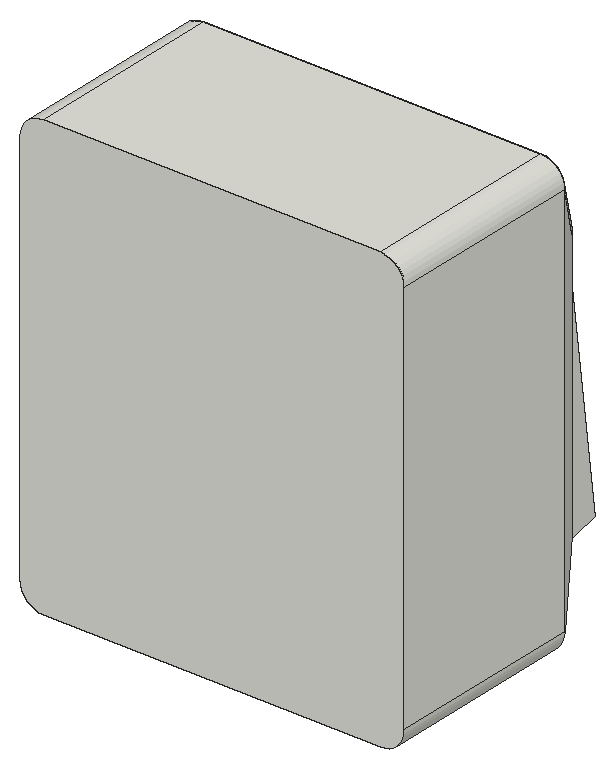
Revit family "IEK_Выключатель_ОУ_10А_1кл_IP54_ГЕРМЕС_PLUS", category Выключатели, Revit 2019
Family settings
  Сохранять ориентацию аннотаций = Да
  Размер круглого соединителя = Использовать диаметр
  Тип детали = Переключатель
  На основе рабочей плоскости = Нет
  Всегда вертикально = Да
  При загрузке вырезать с полостями = Нет
  Общий = Нет
  Точка расчета площади = Нет
Parameters (values of type "ВС20-1-0-ГПБ")
  Ширина = 72 mm  # constant formula
  Тип монтажа = "Поверхность монтажа (открытая установка)"  # constant formula
  Степень защиты = "IP54"  # constant formula
  Описание = "Изделия серии \"ГЕРМЕС PLUS\" используются в помещениях с повышенной влажностью или запыленностью, а также под навесом на открытом воздухе."
  Изготовитель = "IEK"  # constant formula
  Диаметр_Короб [instance] = 16 mm
  Глубина = 52 mm  # constant formula
  Высота = 72 mm  # constant formula
  ΔХ [instance] = 2000 mm
  ΔY [instance] = 2000 mm
  URL = "https://www.iek.ru/"
  ADSK_Ток [instance] = 10 A  # constant formula
  ADSK_Примечание = ""
  ADSK_Полная мощность [instance] = ADSK_Номинальная мощность / ADSK_Коэффициент мощности  # 2200 VA
  ADSK_Позиция [instance] = ""
  ADSK_Номинальная мощность [instance] = ADSK_Ток * ADSK_Напряжение * sqrt(ADSK_Количество фаз числовое) * ADSK_Коэффициент мощности  # 2200 W
  ADSK_Напряжение = 220 V
  ADSK_Наименование краткое = "ВС20-1-0-ГПБ"
  ADSK_Наименование = "Выключатель 1-клавишный для открытой установки ВС20-1-0-ГПБ IP54 ГЕРМЕС PLUS (цвет клавиши: белый) IEK"
  ADSK_Материал обозначение = ""
  ADSK_Материал наименование = "Пластик"  # constant formula
  ADSK_Материал = Цвет белый
  ADSK_Масса = 0.095
  ADSK_Марка = "ГЕРМЕС PLUS"  # constant formula
  ADSK_Коэффициент мощности [instance] = 1  # constant formula
  ADSK_Количество фаз числовое = 1
  ADSK_Количество фаз = 1
  ADSK_Код изделия = "EVMP10-K01-10-54-EC"
  ADSK_Классификация нагрузок [instance] = Прочее
  ADSK_Завод-изготовитель = Изготовитель  # "IEK"
  ADSK_Единица измерения = "шт."  # constant formula
  ADSK_Группирование = "Электроустановочные изделия низковольтные"  # constant formula
  ADSK_Версия семейства = "01.10.25"  # constant formula
  ADSK_Версия Revit = "v2019"  # constant formula
  ADSK_URL страницы изделия = "https://qr.iek.group/EVMP10-K01-10-54-EC"
Types (4, lengths in mm): name | ADSK_Наименование краткое | ADSK_Наименование | ADSK_Код изделия | ADSK_URL страницы изделия
  (no name) | "ВС20-1-0-ГПБ" | "Выключатель 1-клавишный для открытой установки ВС20-1-0-ГПБ IP54 ГЕРМЕС PLUS (цвет клавиши: белый) IEK" | "EVMP10-K01-10-54-EC" | "https://qr.iek.group/EVMP10-K01-10-54-EC"
  ВС20-1-0-ГПБ | "ВС20-1-0-ГПБ" | "Выключатель 1-клавишный для открытой установки ВС20-1-0-ГПБ IP54 ГЕРМЕС PLUS (цвет клавиши: белый) IEK" | "EVMP10-K01-10-54-EC" | "https://qr.iek.group/EVMP10-K01-10-54-EC"
  ВСп20-1-0-ГПБ_Проходной | "ВСп20-1-0-ГПБ" | "Выключатель 1-клавишный для открытой установки проходной ВСп20-1-0-ГПБ IP54 ГЕРМЕС PLUS (цвет клавиши: белый) IEK" | "EVMP12-K01-10-54-EC" | "https://qr.iek.group/EVMP12-K01-10-54-EC"
  ВСк20-1-0-ГПБ_Кнопочный | "ВСк20-1-0-ГПБ" | "Выключатель 1-клавишный для открытой установки кнопочный ВСк20-1-0-ГПБ IP54 ГЕРМЕС PLUS (цвет клавиши: белый) IEK" | "EVMP13-K01-10-54-EC" | "https://qr.iek.group/EVMP13-K01-10-54-EC"
Reference planes
  plane 1 "По центру (Вперед/Назад)": y = 0
  plane 2: z = 0
  plane 3 "По центру (Влево/Вправо)": x = 0
  plane 4 "Высота ножек": z = 280
  plane 5 "Высота": z = 2081.496
  plane 6: x = -2000
  plane 7: y = 2000
Forms (mm)
  Extrusion 1, solid, detail levels coarse
    sketch origin (5.5, 24, 0) x (1, 0, 0) y (0, 1, 0)
      loop
        line (-38, -24) -> (27, -24) -> (27, 22.483) -> (-38, 22.483) -> (-38, -24)
    from 0 to 75
  Extrusion 2, solid, detail levels medium
    sketch origin (-5.5, 24, 0) x (1, 0, 0) y (0, 1, 0)
      loop
        line (-27, 22.483) -> (-27, -24) -> (38, -24) -> (38, 22.483) -> (-27, 22.483)
    from 0 to 75
  Extrusion 3, solid, material "Цвет белый" <- "ADSK_Материал", detail levels fine
    sketch origin (0, 0, 556.425) x (1, 0, 0) y (0, 0, -1)
      loop
        arc (-32.5, 485.425) -> (-31.328, 482.596) -> (-28.5, 481.425) r 4
        line (-28.5, 481.425) -> (28.5, 481.425)
        arc (28.5, 481.425) -> (31.328, 482.596) -> (32.5, 485.425) r 4
        line (32.5, 485.425) -> (32.5, 552.425)
        arc (32.5, 552.425) -> (31.328, 555.253) -> (28.5, 556.425) r 4
        line (28.5, 556.425) -> (-28.5, 556.425)
        arc (-28.5, 556.425) -> (-31.328, 555.253) -> (-32.5, 552.425) r 4
        line (-32.5, 552.425) -> (-32.5, 485.425)
    from 0 to 33.882
  Blend 4, solid, material "Цвет белый" <- "ADSK_Материал", detail levels fine
    base sketch origin (0, 0, 556.425) x (1, 0, 0) y (0, 0, -1)
      loop
        arc (-32.5, 485.425) -> (-31.328, 482.596) -> (-28.5, 481.425) r 4
        line (-28.5, 481.425) -> (28.5, 481.425)
        arc (28.5, 481.425) -> (31.328, 482.596) -> (32.5, 485.425) r 4
        line (32.5, 485.425) -> (32.5, 552.425)
        arc (32.5, 552.425) -> (31.328, 555.253) -> (28.5, 556.425) r 4
        line (28.5, 556.425) -> (-28.5, 556.425)
        arc (-28.5, 556.425) -> (-31.328, 555.253) -> (-32.5, 552.425) r 4
        line (-32.5, 552.425) -> (-32.5, 485.425)
    top sketch origin (0, 0, 556.425) x (1, 0, 0) y (0, 0, -1)
      loop
        arc (-28.842, 496.034) -> (-27.846, 493.63) -> (-25.442, 492.634) r 3.4
        line (-25.442, 492.634) -> (25.445, 492.634)
        arc (25.445, 492.634) -> (27.849, 493.63) -> (28.845, 496.034) r 3.4
        line (28.845, 496.034) -> (28.845, 541.816)
        arc (28.845, 541.816) -> (27.849, 544.22) -> (25.445, 545.216) r 3.4
        line (25.445, 545.216) -> (-25.442, 545.216)
        arc (-25.442, 545.216) -> (-27.846, 544.22) -> (-28.842, 541.816) r 3.4
        line (-28.842, 541.816) -> (-28.842, 496.034)
    from 33.882 to 40
  Extrusion 5, void
    sketch origin (0, 0, 556.425) x (1, 0, 0) y (0, 0, -1)
      loop
        line (-28.25, 541.393) -> (-28.25, 496.243)
        arc (-28.25, 496.243) -> (-27.371, 494.122) -> (-25.25, 493.243) r 3
        line (-25.25, 493.243) -> (25.25, 493.243)
        arc (25.25, 493.243) -> (27.371, 494.122) -> (28.25, 496.243) r 3
        line (28.25, 496.243) -> (28.25, 541.393)
        arc (28.25, 541.393) -> (27.371, 543.514) -> (25.25, 544.393) r 3
        line (25.25, 544.393) -> (-25.25, 544.393)
        arc (-25.25, 544.393) -> (-27.371, 543.514) -> (-28.25, 541.393) r 3
    from 38.844 to 40
  Extrusion 6, solid, material "Цвет белый" <- "ADSK_Материал", detail levels fine
    sketch origin (0, 8.344, 557.693) x (0, 0, -1) y (0, 1, 0)
      loop
        line (545.332, 30.5) -> (543.608, 38.121)
        arc (543.608, 38.121) -> (519.308, 36.271) -> (495.326, 31.933) r 236.751
        line (495.326, 31.933) -> (495.326, 30.5) -> (545.332, 30.5)
    from -27.5 to 27.5
  Extrusion 7, void
    sketch origin (0, 0, 0) x (1, 0, 0) y (0, 0, 1)
      loop
        arc (5, 15.963) -> (0, 18.33) -> (-5, 15.963) r 6.464
        line (-5, 15.963) -> (5, 15.963)
    from -46.483 to -44.647
Cuts and joins
  Extrusion 5 cuts Blend 4
  Extrusion 7 cuts Extrusion 1
  Extrusion 7 cuts Extrusion 2
  Extrusion 7 cuts Extrusion 3
Lines and regions (mm)
  reference lines
    curve 1: line (0, 44.647, 0) -> (0, -55.353, 0)
    curve 2: line (-23.829, 0, 0) -> (76.171, 0, 0)
Dimensions and locks
  locked: plane 4 "Высота ножек" to plane 2 at 280
  plane 5 "Высота" to plane 4 "Высота ножек" = 1801.496 mm
  "ΔХ": plane 6 to curve 1
  "ΔY": plane 7 to curve 2
  aligned and locked: level to plane 2
  aligned and locked: curve 2 to nested 1
  aligned and locked: nested 1 to curve 1
Automatic sketch dimensions
  Extrusion 1 sketch curve to plane 1 "По центру (Вперед/Назад)" = 46.483 mm
  Extrusion 1 sketch curve to plane 3 "По центру (Влево/Вправо)" = 32.5 mm
  plane 3 "По центру (Влево/Вправо)" to Extrusion 1 sketch curve = 32.5 mm
  plane 1 "По центру (Вперед/Назад)" to Extrusion 1 sketch curve = 0 mm
  Extrusion 2 sketch curve to plane 3 "По центру (Влево/Вправо)" = 32.5 mm
  plane 3 "По центру (Влево/Вправо)" to Extrusion 2 sketch curve = 32.5 mm
  plane 1 "По центру (Вперед/Назад)" to Extrusion 2 sketch curve = 0 mm
  Extrusion 2 sketch curve to plane 1 "По центру (Вперед/Назад)" = 46.483 mm
  Extrusion 3 sketch curve to level = 0 mm
  Extrusion 3 sketch curve to plane 3 "По центру (Влево/Вправо)" = 32.5 mm
  Extrusion 3 sketch curve to Extrusion 3 sketch curve = 4 mm  (x3)
  plane 3 "По центру (Влево/Вправо)" to Extrusion 3 sketch curve = 28.5 mm  (x2)
  Extrusion 3 sketch curve to Extrusion 3 sketch curve = 67 mm
  Blend 4 sketch curve to level = 0 mm
  Blend 4 sketch curve to plane 3 "По центру (Влево/Вправо)" = 32.5 mm
  Blend 4 sketch curve to Blend 4 sketch curve = 4 mm  (x3)
  plane 3 "По центру (Влево/Вправо)" to Blend 4 sketch curve = 28.5 mm  (x2)
  Blend 4 sketch curve to Blend 4 sketch curve = 67 mm
  Blend 4 sketch curve to plane 3 "По центру (Влево/Вправо)" = 28.842 mm
  Blend 4 sketch curve to Blend 4 sketch curve = 3.4 mm  (x3)
  level to Blend 4 sketch curve = 11.209 mm
  plane 3 "По центру (Влево/Вправо)" to Blend 4 sketch curve = 25.445 mm  (x2)
  Blend 4 sketch curve to Blend 4 sketch curve = 45.782 mm
  Extrusion 5 sketch curve to plane 3 "По центру (Влево/Вправо)" = 28.25 mm
  Extrusion 5 sketch curve to Extrusion 5 sketch curve = 3 mm  (x3)
  plane 3 "По центру (Влево/Вправо)" to Extrusion 5 sketch curve = 25.25 mm  (x2)
  level to Extrusion 5 sketch curve = 15.032 mm
  Extrusion 5 sketch curve to Extrusion 5 sketch curve = 45.15 mm
  level to Extrusion 6 sketch curve = 62.367 mm
  level to Extrusion 6 sketch curve = 14.085 mm
  Extrusion 6 sketch curve to Extrusion 6 sketch curve = 1.724 mm
  level to Extrusion 6 sketch curve = 8.292 mm
  plane 1 "По центру (Вперед/Назад)" to Extrusion 6 sketch curve = 190.215 mm
  Extrusion 6 sketch curve to plane 1 "По центру (Вперед/Назад)" = 38.844 mm
  Extrusion 6 sketch curve to Extrusion 6 sketch curve = 1.433 mm
  Extrusion 7 sketch curve to plane 3 "По центру (Влево/Вправо)" = 0 mm
  Extrusion 7 sketch curve to plane 3 "По центру (Влево/Вправо)" = 5 mm
  level to Extrusion 7 sketch curve = 11.866 mm
  Extrusion 7 sketch curve to Extrusion 7 sketch curve = 4.097 mm
  curve 2 to plane 3 "По центру (Влево/Вправо)" = 23.829 mm
  plane 3 "По центру (Влево/Вправо)" to curve 2 = 76.171 mm
  plane 1 "По центру (Вперед/Назад)" to curve 1 = 55.353 mm
  curve 1 to plane 1 "По центру (Вперед/Назад)" = 44.647 mm
Nested families
  nested 1: "УГО Выключателя" at (0, 0, 0), type "1K-O", detail levels coarse+medium
    with IP44 yes
Connectors
  electrical at (0, 0, 37.5), driven by "ADSK_Количество фаз", driven by "ADSK_Классификация нагрузок", driven by "ADSK_Напряжение", driven by "ADSK_Полная мощность", driven by "ADSK_Коэффициент мощности"
    settings: on Extrusion 1, index 1, voltage 220 V, apparent load 0 VA, apparent load phase1 2200 VA, apparent load phase2 0 VA, apparent load phase3 0 VA, power factor 1, load classification "Прочее", number of poles 1, system type 30, power factor state 1, is connector primary yes, connector utility no, sub classification motor no, connector description ""
  cabletrayconduit at (0, 16.941, 75), diameter 16, driven by "Диаметр_Короб"
    settings: on cut or joined group of Extrusion 3, Extrusion 7, index 2, connector width 300 mm, connector height 300 mm, connector angle 0.00°, system type 32, placement type 0, profile type 0, connector reference index -1, is primary connector yes, connector utility param no, connector description ""
  cabletrayconduit at (0, 16.941, 0), diameter 16, driven by "Диаметр_Короб"
    settings: on cut or joined group of Extrusion 3, Extrusion 7, index 3, connector width 300 mm, connector height 300 mm, connector angle 0.00°, system type 32, placement type 0, profile type 0, connector reference index -1, is primary connector no, connector utility param no, connector description ""
Definition of nested family "УГО Выключателя"
  Parameters (values of type "3K-O")
    IP44 [instance] = no
    3K-C = no
    2K-C = no
    1K-C = no
    3K-O = yes
    2K-O = no
    1K-O = no
  Types (6, lengths in mm): name | 3K-C | 2K-C | 1K-C | 3K-O | 2K-O | 1K-O
    2K-O | no | no | no | no | yes | no
    3K-O | no | no | no | yes | no | no
    2K-C | no | yes | no | no | no | no
    1K-O | no | no | no | no | no | yes
    1K-C | no | no | yes | no | no | no
    3K-C | yes | no | no | no | no | no
  Reference planes
    plane 1: y = 0
    plane 2: x = 0
  Lines and regions (mm)
    Filled region 1, type "Цветовая область 1", visible <- "IP44", not visible
      outline origin (0, 0, 0) x (1, 0, 0) y (0, 1, 0)
        loop
          circle (0, 2.214) r 0.994
    Filled region 2, type "Цветовая область 1", visible <- "IP44", not visible
      outline origin (-1.562, 0, 0) x (1, 0, 0) y (0, 1, 0)
        loop
          circle (11.009, 9.276) r 0.994
    Filled region 3, type "Цветовая область 1", visible <- "IP44", not visible
      outline origin (-1.562, 0, 0) x (1, 0, 0) y (0, 1, 0)
        loop
          circle (23.521, 9.279) r 0.994
    Filled region 4, type "Цветовая область 1", visible <- "IP44", not visible
      outline origin (0, 0, 0) x (1, 0, 0) y (0, 1, 0)
        loop
          circle (28.604, 9.279) r 0.994
    Filled region 5, type "Цветовая область 1", visible <- "IP44", not visible
      outline origin (0, 0, 0) x (1, 0, 0) y (0, 1, 0)
        loop
          circle (32.789, 9.279) r 0.994
    Filled region 6, type "Цветовая область 1", visible <- "IP44"
      outline origin (0, 0, 0) x (1, 0, 0) y (0, 1, 0)
        loop
          circle (0.006, 0.994) r 0.994
    Filled region 7, type "Цветовая область 1", visible <- "IP44"
      outline origin (0, 0, 0) x (1, 0, 0) y (0, 1, 0)
        loop
          circle (0.006, 0.994) r 0.994
    Filled region 8, type "Цветовая область 1", visible <- "IP44"
      outline origin (-1.562, 0, 0) x (1, 0, 0) y (0, 1, 0)
        loop
          circle (1.569, 0.994) r 0.994
    Filled region 9, type "Цветовая область 1", visible <- "IP44"
      outline origin (0, 0, 0) x (1, 0, 0) y (0, 1, 0)
        loop
          circle (0.006, 0.994) r 0.994
    Filled region 10, type "Цветовая область 1", visible <- "IP44", not visible
      outline origin (0, 0, 0) x (1, 0, 0) y (0, 1, 0)
        loop
          circle (15.057, 15.33) r 0.994
    Filled region 11, type "Цветовая область 1", visible <- "IP44"
      outline origin (-1.562, 0, 0) x (1, 0, 0) y (0, 1, 0)
        loop
          circle (1.569, 0.994) r 0.994
    Filled region 12, type "Цветовая область 1", visible <- "IP44"
      outline origin (0, 0, 0) x (1, 0, 0) y (0, 1, 0)
        loop
          circle (0.006, 0.994) r 0.994
    detail lines, visible <- "3K-O", not visible
      curve 1: line (0.86, 2.711, 0) -> (3.031, 3.964, 0)
      curve 2: line (0.639, 2.975, 0) -> (2.25, 4.895, 0)
      curve 3: line (0.323, 3.154, 0) -> (1.139, 5.524, 0)
      curve 4: circle (0, 2.214, 0) r 0.994 normal (0, 0, 1)
      curve 5: line (3.031, 3.964, 0) -> (3.431, 3.272, 0)
      curve 6: line (2.25, 4.895, 0) -> (2.863, 4.381, 0)
      curve 7: line (1.139, 5.524, 0) -> (1.896, 5.263, 0)
    detail lines, visible <- "2K-O", not visible
      curve 8: line (10.196, 9.928, 0) -> (12.088, 11.572, 0)
      curve 9: line (9.928, 10.145, 0) -> (11.143, 12.337, 0)
      curve 10: circle (9.446, 9.276, 0) r 0.994 normal (0, 0, 1)
      curve 11: line (12.088, 11.572, 0) -> (12.613, 10.968, 0)
      curve 12: line (11.143, 12.337, 0) -> (11.843, 11.949, 0)
    detail lines, visible <- "1K-O", not visible
      curve 13: line (15.627, 16.144, 0) -> (17.201, 18.393, 0)
      curve 14: circle (15.057, 15.33, 0) r 0.994 normal (0, 0, 1)
      curve 15: line (17.201, 18.393, 0) -> (17.857, 17.934, 0)
    detail lines, visible <- "3K-C", not visible
      curve 16: line (22.819, 9.775, 0) -> (24.99, 11.029, 0)
      curve 17: line (22.597, 10.04, 0) -> (24.208, 11.96, 0)
      curve 18: line (22.282, 10.218, 0) -> (23.098, 12.588, 0)
      curve 19: circle (21.958, 9.279, 0) r 0.994 normal (0, 0, 1)
      curve 20: line (24.765, 11.418, 0) -> (25.215, 10.639, 0)
      curve 21: line (23.863, 12.249, 0) -> (24.553, 11.67, 0)
      curve 22: line (22.672, 12.734, 0) -> (23.523, 12.441, 0)
    detail lines, visible <- "2K-C", not visible
      curve 23: line (29.354, 9.93, 0) -> (31.246, 11.575, 0)
      curve 24: line (29.086, 10.148, 0) -> (30.301, 12.34, 0)
      curve 25: circle (28.604, 9.279, 0) r 0.994 normal (0, 0, 1)
      curve 26: line (30.951, 11.914, 0) -> (31.541, 11.235, 0)
      curve 27: line (29.908, 12.558, 0) -> (30.695, 12.122, 0)
    detail lines, visible <- "1K-C", not visible
      curve 28: line (33.359, 10.092, 0) -> (34.797, 12.146, 0)
      curve 29: circle (32.789, 9.279, 0) r 0.994 normal (0, 0, 1)
      curve 30: line (34.428, 12.404, 0) -> (35.165, 11.887, 0)
    detail lines
      curve 31: line (0.006, 0, 0) -> (0.006, 2.454, 0)
      curve 32: line (0.006, 0, 0) -> (2.217, 0, 0)
    detail lines, visible <- "1K-C"
      curve 33: line (0.576, 1.808, 0) -> (2.014, 3.861, 0)
      curve 34: circle (0.006, 0.994, 0) r 0.994 normal (0, 0, 1)
      curve 35: line (1.645, 4.119, 0) -> (2.383, 3.603, 0)
    detail lines, visible <- "2K-C"
      curve 36: line (0.756, 1.645, 0) -> (2.648, 3.29, 0)
      curve 37: line (0.488, 1.863, 0) -> (1.703, 4.055, 0)
      curve 38: circle (0.006, 0.994, 0) r 0.994 normal (0, 0, 1)
      curve 39: line (2.353, 3.629, 0) -> (2.943, 2.95, 0)
      curve 40: line (1.31, 4.273, 0) -> (2.097, 3.837, 0)
    detail lines, visible <- "3K-C"
      curve 41: line (0.867, 1.49, 0) -> (3.037, 2.744, 0)
      curve 42: line (0.645, 1.755, 0) -> (2.256, 3.675, 0)
      curve 43: line (0.33, 1.933, 0) -> (1.146, 4.303, 0)
      curve 44: circle (0.006, 0.994, 0) r 0.994 normal (0, 0, 1)
      curve 45: line (2.812, 3.133, 0) -> (3.262, 2.354, 0)
      curve 46: line (1.911, 3.964, 0) -> (2.601, 3.386, 0)
      curve 47: line (0.72, 4.449, 0) -> (1.571, 4.156, 0)
    detail lines, visible <- "1K-O"
      curve 48: line (0.576, 1.808, 0) -> (2.151, 4.056, 0)
      curve 49: circle (0.006, 0.994, 0) r 0.994 normal (0, 0, 1)
      curve 50: line (2.151, 4.056, 0) -> (2.806, 3.597, 0)
    detail lines, visible <- "2K-O"
      curve 51: line (0.756, 1.645, 0) -> (2.648, 3.29, 0)
      curve 52: line (0.488, 1.863, 0) -> (1.703, 4.055, 0)
      curve 53: circle (0.006, 0.994, 0) r 0.994 normal (0, 0, 1)
      curve 54: line (2.648, 3.29, 0) -> (3.173, 2.686, 0)
      curve 55: line (1.703, 4.055, 0) -> (2.403, 3.667, 0)
    detail lines, visible <- "3K-O"
      curve 56: line (0.867, 1.49, 0) -> (3.037, 2.744, 0)
      curve 57: line (0.645, 1.755, 0) -> (2.256, 3.675, 0)
      curve 58: line (0.33, 1.933, 0) -> (1.146, 4.303, 0)
      curve 59: circle (0.006, 0.994, 0) r 0.994 normal (0, 0, 1)
      curve 60: line (3.037, 2.744, 0) -> (3.437, 2.051, 0)
      curve 61: line (2.256, 3.675, 0) -> (2.869, 3.161, 0)
      curve 62: line (1.146, 4.303, 0) -> (1.902, 4.042, 0)
